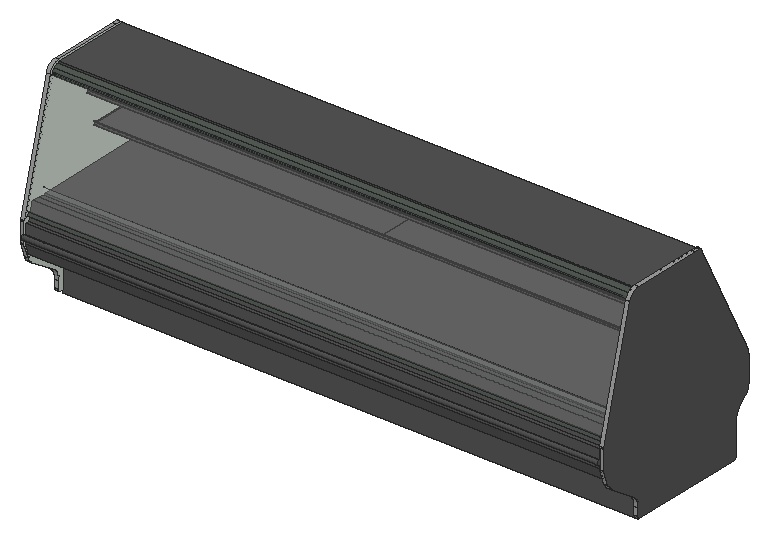
Revit family "ESBDVS_2014", category Specialty Equipment, Revit 2014
Parameters (values of type "12'-0" Length")
  Width = 144 1/2"
  Waste Drain = 1 1/2"  # constant formula
  URL = "www.hussmann.com"
  Type Comments = "Elite"  # constant formula
  Trim = Stainless Steel
  Total Weight = Case Weight + (2 * End Weight)  # 1400.00 lbf
  Splashguard = Textured Sheet Metal (Steel Painted) - 701 Black
  Side Panel - Right [instance] = yes
  Side Panel - Left [instance] = yes
  Shelves = Sheet Metal (Steel Painted) - 701 Black
  Shelf Lights [instance] = yes
  Shelf [instance] = yes
  Revit Family Date = "05/26/2016"  # constant formula
  Refrigeration Lines Suction = 7/8"  # constant formula
  Refrigeration Lines Liquid = 3/8"  # constant formula
  Refrig. Suction = "Suction"
  Refrig. Liquid = "Liquid"
  Number of Supports = if(Width < 50", 2, if(Width < 100", 3, 4))  # 4
  Number of Shelf Supports = if(Width < 96", 2, 3)  # 3
  Note from Manufacturer = "This model only comes 4'-0\", 6'-0\", 8'-0\", and 12'-0\" lengths."
  Model URL = "http://www.hussmann.com/en/product%20viewer/display-cases/ESBDVS"
  Model = "ESBDVS"  # constant formula
  Manufacturer Disclaimer = "The information in this file is not intended to be an exact representation of the corresponding Hussmann product.  Further, we reserve the right to change or revise specifications and product design in connection with any feature of our products. Such changes do not entitle the buyer to corresponding changes, improvements, additions, or replacements for equipment previously sold or shipped."  # constant formula
  Manufacturer = "Hussmann Corporation"  # constant formula
  Location of Drain = if(Width < 144", 24 1/8", 72 1/4")  # 72 1/4"
  Light [instance] = yes
  Height = 52 7/8"  # constant formula
  Glazing = Glass
  Ends = Textured Sheet Metal (Steel Painted) - 701 Black
  End Weight = 100.00 lbf  # constant formula
  Door Frame = Plastic - 701 Black
  Description = "Elite Vertical Glass, Blower Coil Service Case Merchandiser"  # constant formula
  Depth = 46"  # constant formula
  Cutsheet URL = "http://www.hussmann.com/en/Technical%20Documents/0522308_B_ESBDVS.pdf"
  Case Weight = if(Width = 48 1/4", 600.00 lbf, if(Width = 72 3/8", 700.00 lbf, if(Width = 96 3/8", 1100.00 lbf, if(Width = 144 1/2", 1200.00 lbf, 0.00 lbf))))  # 1200.00 lbf
  Case Interior - Side Panel = Mirror
  Case Interior - Back Panel = Stainless Steel
  Case = Textured Sheet Metal (Steel Painted) - 701 Black
  Bumper = Extruded PVC - 701 Black
  Assembly Code = ""
  Accessories/Options = ""
  8 Case = Width = 96 3/8"  # no
  6 Case = Width = 72 3/8"  # no
  4 Case = Width = 48 1/4"  # no
  12 Case = Width = 144 1/2"  # yes
Reference planes (in)
  plane 1 "Back": y = 0
  plane 2 "Bottom": z = 0
  plane 3 "Left": x = -77.30699
  plane 4 "Center (Left/Right)": x = -5.05699
  plane 5: x = -78.30699
  plane 6 "Right": x = 67.19301
  plane 7: x = 68.19301
  plane 8 "Front": y = -46
  plane 9 "Top": z = 52.875
Forms (in)
  Extrusion 1, solid, material "Metal - Copper"
    sketch origin (63.0625, 1.04319, 0) x (1, 0, 0) y (0, 1, 0)
      loop
        arc (-68.11949, -26.54319) -> (-68.64982, -26.76286) -> (-68.86949, -27.29319) r 0.75
        arc (-68.86949, -27.29319) -> (-68.64982, -27.82352) -> (-68.11949, -28.04319) r 0.75
        arc (-68.11949, -28.04319) -> (-67.58916, -27.82352) -> (-67.36949, -27.29319) r 0.75
        arc (-67.36949, -27.29319) -> (-67.58916, -26.76286) -> (-68.11949, -26.54319) r 0.75
      loop
        circle (-68.11949, -27.29319) r 0.7102
    from 16.19922 to 15.21482
  Extrusion 2, solid, material "Metal - Copper"
    sketch origin (57.40105, 5, -0.375) x (1, 0, 0) y (0, 1, 0)
      loop
        circle (1.10446, -34.375) r 0.41359
      loop
        circle (1.10446, -34.375) r 0.4375
    from 16.57422 to 0.375
  Extrusion 3, solid, material "Metal - Copper"
    sketch origin (59.82608, 5, -0.375) x (1, 0, 0) y (0, 1, 0)
      loop
        circle (-0.69557, -34.375) r 0.17188
      loop
        circle (-0.69557, -34.375) r 0.1875
    from 16.57422 to 0.375
  Extrusion 4, solid, material "Textured Sheet Metal (Steel Painted) - 701 Black" <- "Case"
    sketch origin (-5.05699, 0, 0) x (0, 1, 0) y (0, 0, 1)
      loop
        line (-17.51277, 50.28954) -> (-16.52755, 48.35594) -> (-13.36853, 49.96554) -> (-14.85095, 52.87495) -> (-34.64398, 52.87495) -> (-34.64398, 51.46832) -> (-33.4652, 50.28954) -> (-17.51277, 50.28954)
      loop
        line (-31.84269, 8.7695) -> (-31.84269, 16.19922) -> (-5.46069, 16.19922) -> (-5.46069, 13.31049) -> (-2.20656, 13.31049) -> (-0.04964, 15.46741) -> (-0.06621, 23.85827) -> (-0.99729, 25.68562) -> (-4.15631, 24.07602) -> (-5.08572, 25.90009) -> (-5.97398, 25.89513) -> (-8.2206, 25.56606) -> (-8.2206, 24.444) -> (-9.55835, 24.444) -> (-9.55375, 24.31223) -> (-19.59163, 23.96173) -> (-19.59272, 23.99307) -> (-25.24998, 22.26349) -> (-37.67551, 22.26349) -> (-37.67551, 23.43551) -> (-37.52351, 23.43551) -> (-37.52351, 24.18551) -> (-39.55251, 24.18551) -> (-39.55251, 24.99851) -> (-40.86178, 24.99851) -> (-40.86178, 25.09169) -> (-42.9561, 25.27492) -> (-44.03329, 20.95451) -> (-45.0982, 20.95451) -> (-45.0982, 16.35783) -> (-44.1682, 13.70757) -> (-36.02691, 8.25659) -> (-34.79847, 8.25659) -> (-34.79847, 8.3175) -> (-35.15041, 8.3175) -> (-35.15041, 8.7695) -> (-31.84269, 8.7695)
    from 72.25 to -72.25
  Extrusion 5, solid, material "Sheet Metal (Steel Painted) - 701 Black" <- "Shelves"
    sketch origin (-5.05699, 0, 0) x (0, 1, 0) y (0, 0, 1)
      loop
        line (-39.12318, 24.2901) -> (-8.38835, 24.55832) -> (-8.39509, 25.33029) -> (-39.12992, 25.06207) -> (-39.12318, 24.2901)
    from 72.25 to -72.25
  Extrusion 6, solid, material "Glass" <- "Glazing"
    sketch origin (-5.05699, 0, 0) x (0, 1, 0) y (0, 0, 1)
      loop
        line (-39.55251, 24.18551) -> (-39.30251, 24.18551) -> (-39.30251, 26.60751)
        arc (-39.30251, 26.60751) -> (-39.42751, 26.73251) -> (-39.55251, 26.60751) r 0.125
        line (-39.55251, 26.60751) -> (-39.55251, 24.18551)
    from 72.25 to -72.25
  Extrusion 7, solid, material "Glass" <- "Glazing"
    sketch origin (-5.05699, 0, 0) x (0, 1, 0) y (0, 0, 1)
      loop
        line (-36.02604, 51.35697) -> (-36.25369, 51.42004) -> (-44.31362, 22.32842) -> (-44.08618, 22.26541) -> (-36.02604, 51.35697)
    from 72.25 to -72.25
  Extrusion 8, solid, material "Plastic - 701 Black" <- "Door Frame"
    sketch origin (-5.05699, 0, 0) x (0, 1, 0) y (0, 0, 1)
      loop
        line (-32.7599, 50.28954) -> (-33.4652, 50.28954) -> (-33.87472, 50.69906)
        arc (-33.87472, 50.69906) -> (-34.24857, 50.7637) -> (-34.5997, 50.9074) r 1.75
        arc (-34.5997, 50.9074) -> (-34.66775, 51.31418) -> (-34.94105, 51.62307) r 0.74803
        line (-34.94105, 51.62307) -> (-34.94105, 52.65753)
        arc (-34.94105, 52.65753) -> (-35.56309, 52.40256) -> (-36.11027, 52.01198) r 2.91774
        arc (-36.11027, 52.01198) -> (-36.53496, 51.39941) -> (-36.58106, 50.65545) r 1.38647
        arc (-36.58106, 50.65545) -> (-36.56917, 50.63415) -> (-36.54734, 50.62324) r 0.04142
        line (-36.54734, 50.62324) -> (-36.47964, 50.60448) -> (-36.25369, 51.42004) -> (-36.02604, 51.35697) -> (-36.25176, 50.5423) -> (-36.04309, 50.48436)
        arc (-36.04309, 50.48436) -> (-36.02813, 50.48619) -> (-36.01885, 50.49806) r 0.01969
        line (-36.01885, 50.49806) -> (-35.97043, 50.67247) -> (-35.44329, 50.25291)
        arc (-35.44329, 50.25291) -> (-35.36357, 50.20669) -> (-35.27388, 50.18552) r 0.31496
        line (-35.27388, 50.18552) -> (-33.96931, 50.0744)
        arc (-33.96931, 50.0744) -> (-33.35048, 50.10259) -> (-32.7599, 50.28954) r 2.38
      loop
        line (-44.08618, 22.26541) -> (-44.31362, 22.32842) -> (-44.12165, 23.02132) -> (-44.1814, 23.03787) -> (-44.38992, 22.28522) -> (-43.74599, 22.10682) -> (-43.55699, 22.86487) -> (-43.89421, 22.9583) -> (-44.08618, 22.26541)
    from 72.25 to -72.25
  Extrusion 9, solid, material "Extruded PVC - 701 Black" <- "Bumper"
    sketch origin (-5.05699, 0, 0) x (0, 1, 0) y (0, 0, 1)
      loop
        arc (-45.4465, 18.55301) -> (-46, 17.99951) -> (-45.4465, 17.44601) r 0.5535
        line (-45.4465, 17.44601) -> (-45.0982, 17.44601) -> (-45.0982, 18.55301) -> (-45.4465, 18.55301)
    from 72.25 to -72.25
  Extrusion 10, solid, material "Textured Sheet Metal (Steel Painted) - 701 Black" <- "Splashguard"
    sketch origin (-5.05699, 0, 0) x (0, 1, 0) y (0, 0, 1)
      loop
        line (-33.24969, 0.071) -> (-33.04469, 0.071) -> (-33.04469, 0) -> (-31.84269, 0) -> (-31.84269, 5) -> (-31.91369, 5) -> (-31.91369, 0.071) -> (-32.51669, 0.071) -> (-32.51669, 0.5) -> (-32.56279, 0.5) -> (-32.56279, 0.1) -> (-32.82069, 0.1) -> (-32.82069, 8.24901) -> (-32.56279, 8.24901) -> (-32.56279, 7.84901) -> (-32.51669, 7.84901) -> (-32.51669, 8.27801) -> (-33.0154, 8.27801) -> (-33.0154, 8.7695) -> (-33.6714, 8.7695) -> (-33.6714, 8.6985) -> (-33.0864, 8.6985) -> (-33.0864, 8.27801) -> (-33.24969, 8.27801) -> (-33.24969, 0.071)
      loop
        line (-4.00019, 0.071) -> (-4.00019, 12.67) -> (-4.24596, 12.67) -> (-4.24596, 13.21349) -> (-2.37596, 13.21349) -> (-2.37596, 12.63228) -> (-2.73177, 12.63228) -> (-2.73177, 12.58528) -> (-2.23177, 12.58528) -> (-2.23177, 13.31049) -> (-4.34296, 13.31049) -> (-4.34296, 12.67) -> (-4.73319, 12.67) -> (-4.73319, 12.241) -> (-4.68708, 12.241) -> (-4.68708, 12.641) -> (-4.42919, 12.641) -> (-4.42919, 0.1) -> (-4.68708, 0.1) -> (-4.68708, 0.5) -> (-4.73319, 0.5) -> (-4.73319, 0.071) -> (-5.38969, 0.071) -> (-5.38969, 5) -> (-5.46069, 5) -> (-5.46069, 0) -> (-4.25869, 0) -> (-4.25869, 0.071) -> (-4.00019, 0.071)
    from 72.25 to -72.25
  Extrusion 11, solid, material "Stainless Steel"
    sketch origin (-5.05699, 0, 0) x (0, 1, 0) y (0, 0, 1)
      loop
        line (-30.37377, 50.28958) -> (-31.90086, 49.99275) -> (-32.75369, 48.16385)
        arc (-32.75369, 48.16385) -> (-32.7297, 48.08156) -> (-32.64498, 48.0946) r 0.065
        line (-32.64498, 48.0946) -> (-32.44448, 48.33355) -> (-32.47129, 48.35605) -> (-32.66429, 48.12604) -> (-31.94437, 49.66992) -> (-27.94437, 49.66992) -> (-27.50854, 48.81456) -> (-27.01987, 49.06354) -> (-27.13209, 49.28379) -> (-26.8013, 49.45233) -> (-27.19854, 50.23197) -> (-27.52933, 50.06342) -> (-27.64457, 50.28958) -> (-30.37377, 50.28958)
    from 72.25 to -72.25
  Extrusion 12, solid, material "Textured Sheet Metal (Steel Painted) - 701 Black" <- "Ends", visible <- "Side Panel - Left"
    sketch origin (-77.30699, 0, 0) x (0, 1, 0) y (0, 0, 1)
      loop
        line (-42.81294, 11.13829) -> (-36.1608, 6.68437)
        arc (-36.1608, 6.68437) -> (-34.87597, 5.26475) -> (-34.41118, 3.40732) r 3.94376
        line (-34.41118, 3.40732) -> (-34.41118, 1.33267)
        arc (-34.41118, 1.33267) -> (-34.26474, 0.97914) -> (-33.91121, 0.8327) r 0.49997
        line (-33.91121, 0.8327) -> (-4.4146, 0.8327)
        arc (-4.4146, 0.8327) -> (-4.06106, 0.97914) -> (-3.91463, 1.33267) r 0.49997
        line (-3.91463, 1.33267) -> (-3.91463, 9.19202)
        arc (-3.91463, 9.19202) -> (-3.61442, 10.70123) -> (-2.75952, 11.98068) r 3.94376
        line (-2.75952, 11.98068) -> (-0.89905, 13.84116)
        arc (-0.89905, 13.84116) -> (-0.14555, 14.96885) -> (0.11905, 16.29906) r 3.47601
        line (0.11905, 16.29906) -> (0.11905, 22.82157)
        arc (0.11905, 22.82157) -> (0.01535, 23.69771) -> (-0.29001, 24.52543) r 3.75306
        line (-0.29001, 24.52543) -> (-0.68723, 25.30501) -> (-14.35702, 52.13348) -> (-14.75424, 52.91306)
        arc (-14.75424, 52.91306) -> (-14.84636, 53.01272) -> (-14.97697, 53.04956) r 0.24998
        line (-14.97697, 53.04956) -> (-16.31022, 53.04956) -> (-34.23382, 53.04956)
        arc (-34.23382, 53.04956) -> (-35.99196, 52.45695) -> (-37.03263, 50.92097) r 2.90434
        line (-37.03263, 50.92097) -> (-45.2046, 21.43748)
        arc (-45.2046, 21.43748) -> (-45.2182, 21.37132) -> (-45.22276, 21.30394) r 0.49997
        line (-45.22276, 21.30394) -> (-45.22276, 16.25206) -> (-43.93778, 12.59021)
        arc (-43.93778, 12.59021) -> (-43.49313, 11.77301) -> (-42.81294, 11.13829) r 2.90483
    from 0 to -1
  Extrusion 13, solid, material "Textured Sheet Metal (Steel Painted) - 701 Black" <- "Ends", visible <- "Side Panel - Right"
    sketch origin (67.19301, 0, 0) x (0, 0, 1) y (0, -1, 0)
      loop
        line (16.25206, 45.22276) -> (12.59021, 43.93778)
        arc (12.59021, 43.93778) -> (11.77301, 43.49313) -> (11.13829, 42.81294) r 2.90483
        line (11.13829, 42.81294) -> (6.68437, 36.1608)
        arc (6.68437, 36.1608) -> (5.26475, 34.87597) -> (3.40732, 34.41118) r 3.94376
        line (3.40732, 34.41118) -> (1.33267, 34.41118)
        arc (1.33267, 34.41118) -> (0.97914, 34.26474) -> (0.8327, 33.91121) r 0.49997
        line (0.8327, 33.91121) -> (0.8327, 4.4146)
        arc (0.8327, 4.4146) -> (0.97914, 4.06106) -> (1.33267, 3.91463) r 0.49997
        line (1.33267, 3.91463) -> (9.19202, 3.91463)
        arc (9.19202, 3.91463) -> (10.70123, 3.61442) -> (11.98068, 2.75952) r 3.94376
        line (11.98068, 2.75952) -> (13.84116, 0.89905)
        arc (13.84116, 0.89905) -> (14.96885, 0.14555) -> (16.29906, -0.11905) r 3.47601
        line (16.29906, -0.11905) -> (22.82157, -0.11905)
        arc (22.82157, -0.11905) -> (23.69771, -0.01535) -> (24.52543, 0.29001) r 3.75306
        line (24.52543, 0.29001) -> (25.30501, 0.68723) -> (52.13348, 14.35702) -> (52.91306, 14.75424)
        arc (52.91306, 14.75424) -> (53.01272, 14.84636) -> (53.04956, 14.97697) r 0.24998
        line (53.04956, 14.97697) -> (53.04956, 16.31022) -> (53.04956, 34.23382)
        arc (53.04956, 34.23382) -> (52.45695, 35.99196) -> (50.92097, 37.03263) r 2.90434
        line (50.92097, 37.03263) -> (21.43748, 45.2046)
        arc (21.43748, 45.2046) -> (21.37132, 45.2182) -> (21.30394, 45.22276) r 0.49997
        line (21.30394, 45.22276) -> (16.25206, 45.22276)
    from 1 to 0
  Extrusion 14, solid, material "Stainless Steel" <- "Case Interior - Back Panel", visible <- "8 Case"
    sketch origin (-5.05699, -0.15579, 0.93562) x (0, 1, 0) y (0, 0, 1)
      loop
        line (-4.00052, 23.1404) -> (-0.8415, 24.75) -> (-13.21274, 49.02993) -> (-16.37176, 47.42033) -> (-4.00052, 23.1404)
    from -48.1875 to -47.59375
  Extrusion 15, solid, material "Stainless Steel" <- "Case Interior - Back Panel", visible <- "6 Case"
    sketch origin (-5.05699, -0.15579, 0.93562) x (0, 1, 0) y (0, 0, 1)
      loop
        line (-4.00052, 23.1404) -> (-0.8415, 24.75) -> (-13.21274, 49.02993) -> (-16.37176, 47.42033) -> (-4.00052, 23.1404)
    from -35.5 to -36.1875
  Extrusion 16, solid, material "Stainless Steel" <- "Case Interior - Back Panel", visible <- "12 Case"
    sketch origin (-5.05699, -0.15579, 0.93562) x (0, 1, 0) y (0, 0, 1)
      loop
        line (-4.00052, 23.1404) -> (-0.8415, 24.75) -> (-13.21274, 49.02993) -> (-16.37176, 47.42033) -> (-4.00052, 23.1404)
    from 0.625 to -0.625
  Extrusion 17, solid, material "Stainless Steel" <- "Case Interior - Back Panel", visible <- "12 Case"
    sketch origin (-5.05699, -0.15579, 0.93562) x (0, 1, 0) y (0, 0, 1)
      loop
        line (-4.00052, 23.1404) -> (-0.8415, 24.75) -> (-13.21274, 49.02993) -> (-16.37176, 47.42033) -> (-4.00052, 23.1404)
    from -71.625 to -72.25
  Extrusion 18, solid, material "Stainless Steel" <- "Case Interior - Back Panel", visible <- "12 Case"
    sketch origin (-5.05699, -0.15579, 0.93562) x (0, 1, 0) y (0, 0, 1)
      loop
        line (-4.00052, 23.1404) -> (-0.8415, 24.75) -> (-13.21274, 49.02993) -> (-16.37176, 47.42033) -> (-4.00052, 23.1404)
    from 72.25 to 71.625
  Extrusion 19, solid, material "Stainless Steel" <- "Case Interior - Back Panel", visible <- "12 Case", not visible
    sketch origin (-5.05699, -39, 0) x (0, 1, 0) y (0, 0, 1)
      loop
        line (-4.00052, 23.1404) -> (-0.8415, 24.75) -> (-13.21274, 49.02993) -> (-16.37176, 47.42033) -> (-4.00052, 23.1404)
    from 0.625 to -0.625
  Extrusion 20, solid, material "Stainless Steel" <- "Case Interior - Back Panel", visible <- "12 Case", not visible
    sketch origin (-5.05699, -39, 0) x (0, 1, 0) y (0, 0, 1)
      loop
        line (-4.00052, 23.1404) -> (-0.8415, 24.75) -> (-13.21274, 49.02993) -> (-16.37176, 47.42033) -> (-4.00052, 23.1404)
    from -71.625 to -72.25
  Extrusion 21, solid, material "Stainless Steel" <- "Case Interior - Back Panel", visible <- "12 Case", not visible
    sketch origin (-5.05699, -39, 0) x (0, 1, 0) y (0, 0, 1)
      loop
        line (-4.00052, 23.1404) -> (-0.8415, 24.75) -> (-13.21274, 49.02993) -> (-16.37176, 47.42033) -> (-4.00052, 23.1404)
    from 72.25 to 71.625
  Extrusion 22, solid, material "Stainless Steel" <- "Case Interior - Back Panel", visible <- "6 Case"
    sketch origin (-5.05699, -0.15579, 0.93562) x (0, 1, 0) y (0, 0, 1)
      loop
        line (-4.00052, 23.1404) -> (-0.8415, 24.75) -> (-13.21274, 49.02993) -> (-16.37176, 47.42033) -> (-4.00052, 23.1404)
    from 36.1875 to 35.5
  Extrusion 23, solid, material "Stainless Steel" <- "Case Interior - Back Panel", visible <- "6 Case", not visible
    sketch origin (-5.05699, 40.54873, 0) x (0, 1, 0) y (0, 0, 1)
      loop
        line (-4.00052, 23.1404) -> (-0.8415, 24.75) -> (-13.21274, 49.02993) -> (-16.37176, 47.42033) -> (-4.00052, 23.1404)
    from -35.5 to -36.1875
  Extrusion 24, solid, material "Stainless Steel" <- "Case Interior - Back Panel", visible <- "6 Case", not visible
    sketch origin (-5.05699, 40.54873, 0) x (0, 1, 0) y (0, 0, 1)
      loop
        line (-4.00052, 23.1404) -> (-0.8415, 24.75) -> (-13.21274, 49.02993) -> (-16.37176, 47.42033) -> (-4.00052, 23.1404)
    from 36.1875 to 35.5
  Extrusion 25, solid, material "Stainless Steel" <- "Case Interior - Back Panel", visible <- "8 Case"
    sketch origin (-5.05699, -0.15579, 0.93562) x (0, 1, 0) y (0, 0, 1)
      loop
        line (-4.00052, 23.1404) -> (-0.8415, 24.75) -> (-13.21274, 49.02993) -> (-16.37176, 47.42033) -> (-4.00052, 23.1404)
    from -0.59375 to 0.59375
  Extrusion 26, solid, material "Stainless Steel" <- "Case Interior - Back Panel", visible <- "8 Case"
    sketch origin (-5.05699, -0.15579, 0.93562) x (0, 1, 0) y (0, 0, 1)
      loop
        line (-4.00052, 23.1404) -> (-0.8415, 24.75) -> (-13.21274, 49.02993) -> (-16.37176, 47.42033) -> (-4.00052, 23.1404)
    from 47.59375 to 48.1875
  Extrusion 27, solid, material "Stainless Steel" <- "Case Interior - Back Panel", visible <- "8 Case", not visible
    sketch origin (-5.05699, -67, 0) x (0, 1, 0) y (0, 0, 1)
      loop
        line (-4.00052, 23.1404) -> (-0.8415, 24.75) -> (-13.21274, 49.02993) -> (-16.37176, 47.42033) -> (-4.00052, 23.1404)
    from -48.1875 to -47.59375
  Extrusion 28, solid, material "Stainless Steel" <- "Case Interior - Back Panel", visible <- "8 Case", not visible
    sketch origin (-5.05699, -67, 0) x (0, 1, 0) y (0, 0, 1)
      loop
        line (-4.00052, 23.1404) -> (-0.8415, 24.75) -> (-13.21274, 49.02993) -> (-16.37176, 47.42033) -> (-4.00052, 23.1404)
    from -0.59375 to 0.59375
  Extrusion 29, solid, material "Stainless Steel" <- "Case Interior - Back Panel", visible <- "8 Case", not visible
    sketch origin (-5.05699, -67, 0) x (0, 1, 0) y (0, 0, 1)
      loop
        line (-4.00052, 23.1404) -> (-0.8415, 24.75) -> (-13.21274, 49.02993) -> (-16.37176, 47.42033) -> (-4.00052, 23.1404)
    from 47.59375 to 48.1875
  Extrusion 30, solid, material "Stainless Steel" <- "Case Interior - Back Panel", visible <- "4 Case"
    sketch origin (-5.05699, -0.15579, 0.93562) x (0, 1, 0) y (0, 0, 1)
      loop
        line (-4.00052, 23.1404) -> (-0.8415, 24.75) -> (-13.21274, 49.02993) -> (-16.37176, 47.42033) -> (-4.00052, 23.1404)
    from -23.5 to -24.125
  Extrusion 31, solid, material "Stainless Steel" <- "Case Interior - Back Panel", visible <- "4 Case"
    sketch origin (-5.05699, -0.15579, 0.93562) x (0, 1, 0) y (0, 0, 1)
      loop
        line (-4.00052, 23.1404) -> (-0.8415, 24.75) -> (-13.21274, 49.02993) -> (-16.37176, 47.42033) -> (-4.00052, 23.1404)
    from 24.125 to 23.5
  Extrusion 32, solid, material "Stainless Steel" <- "Case Interior - Back Panel", visible <- "4 Case", not visible
    sketch origin (-5.05699, 24, 0) x (0, 1, 0) y (0, 0, 1)
      loop
        line (-4.00052, 23.1404) -> (-0.8415, 24.75) -> (-13.21274, 49.02993) -> (-16.37176, 47.42033) -> (-4.00052, 23.1404)
    from -23.5 to -24.125
  Extrusion 33, solid, material "Stainless Steel" <- "Case Interior - Back Panel", visible <- "4 Case", not visible
    sketch origin (-5.05699, 24, 0) x (0, 1, 0) y (0, 0, 1)
      loop
        line (-4.00052, 23.1404) -> (-0.8415, 24.75) -> (-13.21274, 49.02993) -> (-16.37176, 47.42033) -> (-4.00052, 23.1404)
    from 24.125 to 23.5
  Extrusion 34, solid, material "Sheet Metal (Steel Painted) - 701 Black" <- "Shelves", visible <- "Shelf"
    sketch origin (-77.30699, -7.19108, -30.9993) x (0, 1, 0) y (0, 0, 1)
      loop
        line (-16.18534, 64.61155) -> (-15.98654, 64.81035) -> (-16.01907, 64.81035) -> (-16.20161, 64.62782)
        arc (-16.20161, 64.62782) -> (-16.21795, 64.62456) -> (-16.22721, 64.63842) r 0.015
        line (-16.22721, 64.63842) -> (-16.22721, 65.28367)
        arc (-16.22721, 65.28367) -> (-16.16459, 65.35764) -> (-16.0813, 65.30809) r 0.075
        line (-16.0813, 65.30809) -> (-16.05383, 65.2283)
        arc (-16.05383, 65.2283) -> (-16.03997, 65.20973) -> (-16.0179, 65.20267) r 0.038
        line (-16.0179, 65.20267) -> (-4.18143, 65.20267) -> (-4.20443, 65.22567) -> (-16.0286, 65.22567) -> (-16.05956, 65.31558)
        arc (-16.05956, 65.31558) -> (-16.16839, 65.38032) -> (-16.25021, 65.28367) r 0.098
        line (-16.25021, 65.28367) -> (-16.25021, 64.63842)
        arc (-16.25021, 64.63842) -> (-16.22676, 64.60331) -> (-16.18534, 64.61155) r 0.038
      loop
        line (-18.26155, 72.61155) -> (-18.06275, 72.81035) -> (-18.09527, 72.81035) -> (-18.27781, 72.62782)
        arc (-18.27781, 72.62782) -> (-18.29416, 72.62456) -> (-18.30342, 72.63842) r 0.015
        line (-18.30342, 72.63842) -> (-18.30342, 73.28367)
        arc (-18.30342, 73.28367) -> (-18.2408, 73.35764) -> (-18.15751, 73.30809) r 0.075
        line (-18.15751, 73.30809) -> (-18.13003, 73.2283)
        arc (-18.13003, 73.2283) -> (-18.11617, 73.20973) -> (-18.0941, 73.20267) r 0.038
        line (-18.0941, 73.20267) -> (-8.25763, 73.20267) -> (-8.28063, 73.22567) -> (-18.1048, 73.22567) -> (-18.13576, 73.31558)
        arc (-18.13576, 73.31558) -> (-18.24459, 73.38032) -> (-18.32642, 73.28367) r 0.098
        line (-18.32642, 73.28367) -> (-18.32642, 72.63842)
        arc (-18.32642, 72.63842) -> (-18.30296, 72.60331) -> (-18.26155, 72.61155) r 0.038
    from 0 to 144.5
  Extrusion 35, solid, material "Stainless Steel" <- "Case Interior - Back Panel", visible <- "Shelf"
    sketch origin (-77.30699, 0, 0) x (0, 1, 0) y (0, 0, 1)
      loop
        line (-9.21752, 30.7052) -> (-7.88102, 31.38618) -> (-14.4784, 44.33426) -> (-15.81489, 43.65328) -> (-9.21752, 30.7052)
      loop
        line (-15.50234, 44.35946) -> (-15.13201, 44.35946) -> (-14.62331, 44.61866) -> (-17.51277, 50.28954) -> (-21.43256, 50.28954) -> (-15.50234, 44.35946)
    from 0 to 0.625
  Extrusion 36, solid, material "Stainless Steel" <- "Case Interior - Back Panel", visible <- "Shelf"
    sketch origin (66.56801, 0, 0) x (0, 1, 0) y (0, 0, 1)
      loop
        line (-9.21752, 30.7052) -> (-7.88102, 31.38618) -> (-14.4784, 44.33426) -> (-15.81489, 43.65328) -> (-9.21752, 30.7052)
      loop
        line (-15.50234, 44.35946) -> (-15.13201, 44.35946) -> (-14.62331, 44.61866) -> (-17.51277, 50.28954) -> (-21.43256, 50.28954) -> (-15.50234, 44.35946)
    from 0 to 0.625
  Extrusion 37, solid, material "Stainless Steel" <- "Case Interior - Back Panel", visible <- "Shelf"
    sketch origin (-5.36949, 0, 0) x (0, 1, 0) y (0, 0, 1)
      loop
        line (-9.21752, 30.7052) -> (-7.88102, 31.38618) -> (-14.4784, 44.33426) -> (-15.81489, 43.65328) -> (-9.21752, 30.7052)
      loop
        line (-15.50234, 44.35946) -> (-15.13201, 44.35946) -> (-14.62331, 44.61866) -> (-17.51277, 50.28954) -> (-21.43256, 50.28954) -> (-15.50234, 44.35946)
    from 0 to 0.625
Lines and regions (in)
  reference lines
    curve 1: line (-73.68199, -45.25, 0) -> (-73.68199, 0, 0)
    curve 2: line (-5.05699, -45.25, 0) -> (-5.05699, 0, 0)
    curve 3: line (63.56801, -45.25, 0) -> (63.56801, 0, 0)
    curve 4: line (58.94301, -45.25, 0) -> (58.94301, 0, 0)
    curve 5: line (-77.30699, -26.25, 0) -> (67.19301, -26.25, 0)
    curve 6: line (67.19301, -29.375, 0) -> (-77.30699, -29.375, 0)
    curve 7: line (-76.99449, -45.25, 0) -> (-76.99449, 0, 0)
    curve 8: line (66.88051, -45.25, 0) -> (66.88051, 0, 0)
Dimensions and locks (in)
  equal spacing: plane 3 "Left", plane 4 "Center (Left/Right)", plane 6 "Right"
  locked: plane 5 to plane 3 "Left" at 1
  "Width": plane 3 "Left" to plane 6 "Right"
  locked: plane 3 "Left" to curve 1 at 3.625
  locked: curve 3 to plane 6 "Right" at 3.625
  "Location of Drain": curve 2 to plane 6 "Right"
  "Depth": plane 8 "Front" to plane 1 "Back"
  locked: curve 4 to plane 6 "Right" at 8.25
  "Height": plane 9 "Top" to level
  locked: plane 1 "Back" to curve 5 at 26.25
  locked: plane 1 "Back" to curve 6 at 29.375
  locked: plane 6 "Right" to plane 7 at 1
  locked: Extrusion 1 sketch curve to Extrusion 1 sketch curve at 0.0398
  locked: Extrusion 3 sketch curve to Extrusion 3 sketch curve at 0.01562
  locked: Extrusion 2 sketch curve to Extrusion 2 sketch curve at 0.02391
  locked: nested 1 to plane 1 "Back" at 5.46069
  equal spacing: group 1, group 11, group 12, group 2  (x3)
  locked: curve 8 to plane 6 "Right" at 0.3125
  locked: plane 3 "Left" to curve 7 at 0.3125
  equal spacing: group 13, group 15, group 14  (x3)
  "Waste Drain": diameter of Extrusion 1 sketch curve
  "Refrigeration Lines Liquid": diameter of Extrusion 3 sketch curve
  "Refrigeration Lines Suction": diameter of Extrusion 2 sketch curve
  aligned and locked: plane 3 "Left" to curve 5
  aligned and locked: plane 3 "Left" to curve 6
  aligned and locked: plane 6 "Right" to curve 6
  aligned and locked: plane 6 "Right" to curve 5
  aligned and locked: Extrusion 2 to level
  aligned and locked: Extrusion 3 to level
  aligned and locked: curve 6 to Extrusion 3 sketch curve  (x4)
  aligned and locked: curve 6 to Extrusion 2 sketch curve  (x4)
  aligned and locked: curve 5 to Extrusion 1 sketch curve  (x3)
  aligned and locked: curve 2 to Extrusion 1 sketch curve
  aligned and locked: curve 4 to Extrusion 3 sketch curve
  aligned and locked: curve 4 to Extrusion 2 sketch curve
  aligned and locked: curve 1 to nested 1
  aligned and locked: curve 3 to nested 2
  aligned and locked: nested 1 to nested 2
  aligned and locked: Extrusion 4 to plane 3 "Left"
  aligned and locked: plane 6 "Right" to Extrusion 4
  aligned and locked: Extrusion 5 to plane 3 "Left"
  aligned and locked: plane 6 "Right" to Extrusion 5
  aligned and locked: Extrusion 6 to plane 3 "Left"
  aligned and locked: plane 6 "Right" to Extrusion 6
  aligned and locked: Extrusion 7 to plane 3 "Left"
  aligned and locked: plane 6 "Right" to Extrusion 7
  aligned and locked: Extrusion 8 to plane 3 "Left"
  aligned and locked: plane 6 "Right" to Extrusion 8
  aligned and locked: Extrusion 9 to plane 3 "Left"
  aligned and locked: plane 6 "Right" to Extrusion 9
  aligned and locked: Extrusion 10 to plane 3 "Left"
  aligned and locked: plane 6 "Right" to Extrusion 10
  aligned and locked: Extrusion 11 to plane 3 "Left"
  aligned and locked: plane 6 "Right" to Extrusion 11
  aligned and locked: plane 3 "Left" to nested 3
  aligned and locked: plane 5 to Extrusion 12
  aligned and locked: plane 3 "Left" to Extrusion 12
  aligned and locked: plane 7 to Extrusion 13
  aligned and locked: Extrusion 13 to plane 6 "Right"
  aligned and locked: curve 7 to nested 20
  aligned and locked: curve 8 to nested 22
  aligned and locked: Extrusion 34 to plane 3 "Left"
  aligned and locked: plane 6 "Right" to Extrusion 34
  aligned and locked: plane 3 "Left" to nested 25
  aligned and locked: plane 3 "Left" to nested 26
Automatic sketch dimensions
  Extrusion 14 sketch curve to Extrusion 14 sketch curve = 3.15902"
  Extrusion 14 sketch curve to Extrusion 14 sketch curve = 1.6096"
  Extrusion 15 sketch curve to Extrusion 15 sketch curve = 3.15902"
  Extrusion 16 sketch curve to Extrusion 16 sketch curve = 3.15902"
  Extrusion 17 sketch curve to Extrusion 17 sketch curve = 3.15902"
  Extrusion 18 sketch curve to Extrusion 18 sketch curve = 3.15902"
  Extrusion 16 sketch curve to Extrusion 16 sketch curve = 12.37124"
  Extrusion 16 sketch curve to Extrusion 16 sketch curve = 1.6096"
  Extrusion 17 sketch curve to Extrusion 17 sketch curve = 12.37124"
  Extrusion 17 sketch curve to Extrusion 17 sketch curve = 1.6096"
  Extrusion 18 sketch curve to Extrusion 18 sketch curve = 12.37124"
  Extrusion 18 sketch curve to Extrusion 18 sketch curve = 1.6096"
  Extrusion 19 sketch curve to Extrusion 19 sketch curve = 3.15902"
  Extrusion 20 sketch curve to Extrusion 20 sketch curve = 3.15902"
  Extrusion 21 sketch curve to Extrusion 21 sketch curve = 3.15902"
  Extrusion 19 sketch curve to Extrusion 19 sketch curve = 12.37124"
  Extrusion 19 sketch curve to Extrusion 19 sketch curve = 1.6096"
  Extrusion 20 sketch curve to Extrusion 20 sketch curve = 12.37124"
  Extrusion 20 sketch curve to Extrusion 20 sketch curve = 1.6096"
  Extrusion 21 sketch curve to Extrusion 21 sketch curve = 12.37124"
  Extrusion 21 sketch curve to Extrusion 21 sketch curve = 1.6096"
  Extrusion 22 sketch curve to Extrusion 22 sketch curve = 3.15902"
  Extrusion 15 sketch curve to Extrusion 15 sketch curve = 12.37124"
  Extrusion 15 sketch curve to Extrusion 15 sketch curve = 1.6096"
  Extrusion 22 sketch curve to Extrusion 22 sketch curve = 12.37124"
  Extrusion 22 sketch curve to Extrusion 22 sketch curve = 1.6096"
  Extrusion 23 sketch curve to Extrusion 23 sketch curve = 3.15902"
  Extrusion 24 sketch curve to Extrusion 24 sketch curve = 3.15902"
  Extrusion 23 sketch curve to Extrusion 23 sketch curve = 12.37124"
  Extrusion 23 sketch curve to Extrusion 23 sketch curve = 1.6096"
  Extrusion 24 sketch curve to Extrusion 24 sketch curve = 12.37124"
  Extrusion 24 sketch curve to Extrusion 24 sketch curve = 1.6096"
  Extrusion 25 sketch curve to Extrusion 25 sketch curve = 3.15902"
  Extrusion 25 sketch curve to Extrusion 25 sketch curve = 1.6096"
  Extrusion 26 sketch curve to Extrusion 26 sketch curve = 3.15902"
  Extrusion 26 sketch curve to Extrusion 26 sketch curve = 1.6096"
  Extrusion 14 sketch curve to Extrusion 14 sketch curve = 12.37124"
  Extrusion 25 sketch curve to Extrusion 25 sketch curve = 12.37124"
  Extrusion 26 sketch curve to Extrusion 26 sketch curve = 12.37124"
  Extrusion 27 sketch curve to Extrusion 27 sketch curve = 3.15902"
  Extrusion 27 sketch curve to Extrusion 27 sketch curve = 1.6096"
  Extrusion 28 sketch curve to Extrusion 28 sketch curve = 3.15902"
  Extrusion 28 sketch curve to Extrusion 28 sketch curve = 1.6096"
  Extrusion 29 sketch curve to Extrusion 29 sketch curve = 3.15902"
  Extrusion 29 sketch curve to Extrusion 29 sketch curve = 1.6096"
  Extrusion 27 sketch curve to Extrusion 27 sketch curve = 12.37124"
  Extrusion 28 sketch curve to Extrusion 28 sketch curve = 12.37124"
  Extrusion 29 sketch curve to Extrusion 29 sketch curve = 12.37124"
  Extrusion 30 sketch curve to Extrusion 30 sketch curve = 3.15902"
  Extrusion 30 sketch curve to Extrusion 30 sketch curve = 1.6096"
  Extrusion 31 sketch curve to Extrusion 31 sketch curve = 3.15902"
  Extrusion 31 sketch curve to Extrusion 31 sketch curve = 1.6096"
  Extrusion 30 sketch curve to Extrusion 30 sketch curve = 12.37124"
  Extrusion 31 sketch curve to Extrusion 31 sketch curve = 12.37124"
  Extrusion 32 sketch curve to Extrusion 32 sketch curve = 3.15902"
  Extrusion 32 sketch curve to Extrusion 32 sketch curve = 1.6096"
  Extrusion 33 sketch curve to Extrusion 33 sketch curve = 3.15902"
  Extrusion 33 sketch curve to Extrusion 33 sketch curve = 1.6096"
  Extrusion 32 sketch curve to Extrusion 32 sketch curve = 12.37124"
  Extrusion 33 sketch curve to Extrusion 33 sketch curve = 12.37124"
  plane 1 "Back" to Extrusion 11 sketch curve = 32.75369"
  Extrusion 11 sketch curve to Extrusion 11 sketch curve = 0.05891"
  Extrusion 11 sketch curve to Extrusion 11 sketch curve = 0.03049"
  Extrusion 11 sketch curve to Extrusion 11 sketch curve = 0.01931"
  Extrusion 11 sketch curve to Extrusion 11 sketch curve = 0.19299"
  Extrusion 11 sketch curve to Extrusion 11 sketch curve = 0.52693"
  Extrusion 11 sketch curve to Extrusion 11 sketch curve = 0.04351"
  Extrusion 11 sketch curve to Extrusion 11 sketch curve = 3.95649"
  Extrusion 11 sketch curve to Extrusion 11 sketch curve = 0.43583"
  Extrusion 11 sketch curve to Extrusion 11 sketch curve = 1.52709"
  Extrusion 11 sketch curve to Extrusion 11 sketch curve = 0.2998"
  Extrusion 11 sketch curve to Extrusion 11 sketch curve = 0.24899"
  Extrusion 11 sketch curve to Extrusion 11 sketch curve = 0.02681"
  Extrusion 11 sketch curve to Extrusion 11 sketch curve = 0.16969"
  Extrusion 11 sketch curve to Extrusion 11 sketch curve = 0.02747"
  Extrusion 11 sketch curve to Extrusion 11 sketch curve = 0.32283"
  Extrusion 34 sketch curve to Extrusion 34 sketch curve = 0"  (x14)
  Extrusion 34 sketch curve to Extrusion 34 sketch curve = 0.023"  (x5)
  Extrusion 34 sketch curve to Extrusion 34 sketch curve = 0.015"  (x4)
  Extrusion 34 sketch curve to Extrusion 34 sketch curve = 0.01061"  (x2)
  Extrusion 34 sketch curve to Extrusion 34 sketch curve = 0.075"  (x2)
  Extrusion 34 sketch curve to Extrusion 34 sketch curve = 0.07091"  (x2)
  Extrusion 34 sketch curve to Extrusion 34 sketch curve = 0.02747"  (x2)
  Extrusion 34 sketch curve to Extrusion 34 sketch curve = 0.02523"  (x2)
  Extrusion 34 sketch curve to Extrusion 34 sketch curve = 0.18254"  (x3)
  Extrusion 34 sketch curve to Extrusion 34 sketch curve = 0.0107"  (x2)
  Extrusion 34 sketch curve to Extrusion 34 sketch curve = 0.03253"  (x2)
  Extrusion 34 sketch curve to Extrusion 34 sketch curve = 2.01133"
  Extrusion 34 sketch curve to Extrusion 34 sketch curve = 0.01626"  (x2)
  Extrusion 34 sketch curve to Extrusion 34 sketch curve = 9.78212"
  Extrusion 34 sketch curve to Extrusion 34 sketch curve = 4.0532"
  Extrusion 34 sketch curve to Extrusion 34 sketch curve = 0.0749"
  Extrusion 34 sketch curve to Extrusion 34 sketch curve = 0.01237"
  Extrusion 34 sketch curve to Extrusion 34 sketch curve = 0.39232"
  Extrusion 34 sketch curve to Extrusion 34 sketch curve = 0.17193"
  Extrusion 34 sketch curve to Extrusion 34 sketch curve = 7.977"
  Extrusion 6 sketch curve to Extrusion 6 sketch curve = 1/8"
  level to Extrusion 6 sketch curve = 24.18551"
  Extrusion 6 sketch curve to Extrusion 6 sketch curve = 2.422"
  Extrusion 9 sketch curve to Extrusion 9 sketch curve = 0.3483"
  level to Extrusion 9 sketch curve = 17.44601"
  Extrusion 9 sketch curve to Extrusion 9 sketch curve = 0.5535"
  Extrusion 10 sketch curve to level = 0"  (x2)
  level to Extrusion 10 sketch curve = 0.071"  (x4)
  Extrusion 10 sketch curve to Extrusion 10 sketch curve = 0.16328"
  Extrusion 10 sketch curve to Extrusion 10 sketch curve = 0.205"
  Extrusion 10 sketch curve to Extrusion 10 sketch curve = 0.071"  (x4)
  Extrusion 10 sketch curve to Extrusion 10 sketch curve = 0.19472"
  Extrusion 10 sketch curve to Extrusion 10 sketch curve = 0.2579"  (x3)
  Extrusion 10 sketch curve to Extrusion 10 sketch curve = 0.0461"  (x4)
  Extrusion 10 sketch curve to Extrusion 10 sketch curve = 0.603"
  plane 1 "Back" to Extrusion 10 sketch curve = 5.46069"
  Extrusion 10 sketch curve to Extrusion 10 sketch curve = 0.6565"
  plane 1 "Back" to Extrusion 10 sketch curve = 4.73319"
  Extrusion 10 sketch curve to Extrusion 10 sketch curve = 0.08622"
  Extrusion 10 sketch curve to Extrusion 10 sketch curve = 0.1705"
  Extrusion 10 sketch curve to Extrusion 10 sketch curve = 0.097"  (x2)
  Extrusion 10 sketch curve to Extrusion 10 sketch curve = 0.24578"
  Extrusion 10 sketch curve to Extrusion 10 sketch curve = 1.26842"
  Extrusion 10 sketch curve to Extrusion 10 sketch curve = 0.35581"
  Extrusion 10 sketch curve to Extrusion 10 sketch curve = 0.14419"
  Extrusion 10 sketch curve to Extrusion 10 sketch curve = 0.029"  (x3)
  level to Extrusion 10 sketch curve = 0.1"
  Extrusion 10 sketch curve to Extrusion 10 sketch curve = 0.4"  (x4)
  Extrusion 10 sketch curve to Extrusion 10 sketch curve = 4 1/2"  (x2)
  Extrusion 10 sketch curve to Extrusion 10 sketch curve = 7.241"
  Extrusion 10 sketch curve to Extrusion 10 sketch curve = 0.34428"
  Extrusion 10 sketch curve to Extrusion 10 sketch curve = 0.047"
  Extrusion 10 sketch curve to Extrusion 10 sketch curve = 0"  (x2)
  Extrusion 10 sketch curve to Extrusion 10 sketch curve = 0.54349"
  Extrusion 10 sketch curve to Extrusion 10 sketch curve = 2.84901"
  Extrusion 10 sketch curve to Extrusion 10 sketch curve = 0.42049"
  plane 8 "Front" to Extrusion 6 sketch curve = 6.44749"
  plane 8 "Front" to Extrusion 9 sketch curve = 0.5535"
  plane 8 "Front" to Extrusion 10 sketch curve = 14.15731"
  Extrusion 10 sketch curve to Extrusion 10 sketch curve = 0.585"
  plane 8 "Front" to Extrusion 34 sketch curve = 20.4825"
  plane 9 "Top" to Extrusion 11 sketch curve = 4.7804"
  plane 9 "Top" to Extrusion 34 sketch curve = 11.26275"
  plane 9 "Top" to Extrusion 34 sketch curve = 10.55873"
  Extrusion 34 sketch curve to Extrusion 34 sketch curve = 0.02175"  (x2)
  plane 9 "Top" to Extrusion 34 sketch curve = 18.55873"
  plane 8 "Front" to Extrusion 7 sketch curve = 1.68638"
  Extrusion 7 sketch curve to Extrusion 7 sketch curve = 0.22743"
  plane 9 "Top" to Extrusion 7 sketch curve = 1.45496"
  plane 8 "Front" to Extrusion 7 sketch curve = 9.74631"
  plane 9 "Top" to Extrusion 7 sketch curve = 1.51803"
  Extrusion 7 sketch curve to Extrusion 7 sketch curve = 0.22765"
  plane 9 "Top" to Extrusion 8 sketch curve = 2 25/64"
  Extrusion 8 sketch curve to Extrusion 8 sketch curve = 0.00527"
  plane 9 "Top" to Extrusion 8 sketch curve = 2.37694"
  Extrusion 8 sketch curve to Extrusion 8 sketch curve = 0.01897"
  plane 9 "Top" to Extrusion 8 sketch curve = 2.20253"
  Extrusion 8 sketch curve to Extrusion 8 sketch curve = 0.04843"
  plane 9 "Top" to Extrusion 8 sketch curve = 2.62209"
  Extrusion 8 sketch curve to Extrusion 8 sketch curve = 0.57556"
  Extrusion 8 sketch curve to Extrusion 8 sketch curve = 0.16941"
  Extrusion 8 sketch curve to Extrusion 8 sketch curve = 0.19614"
  Extrusion 8 sketch curve to Extrusion 8 sketch curve = 1.30458"
  plane 9 "Top" to Extrusion 8 sketch curve = 0.42919"
  Extrusion 8 sketch curve to Extrusion 8 sketch curve = 0.20199"
  plane 9 "Top" to Extrusion 8 sketch curve = 2.3327"
  Extrusion 8 sketch curve to Extrusion 8 sketch curve = 0.20867"
  Extrusion 8 sketch curve to Extrusion 8 sketch curve = 1.20941"
  plane 9 "Top" to Extrusion 8 sketch curve = 2.25176"
  Extrusion 8 sketch curve to Extrusion 8 sketch curve = 0.00679"
  Extrusion 8 sketch curve to Extrusion 8 sketch curve = 0.09576"
  Extrusion 8 sketch curve to Extrusion 8 sketch curve = 0.11779"
  plane 9 "Top" to Extrusion 8 sketch curve = 0.21747"
  Extrusion 8 sketch curve to Extrusion 8 sketch curve = 0.1835"
  Extrusion 8 sketch curve to Extrusion 8 sketch curve = 0.0021"
  Extrusion 8 sketch curve to Extrusion 8 sketch curve = 0.22611"
  Extrusion 8 sketch curve to Extrusion 8 sketch curve = 0.04086"
  Extrusion 8 sketch curve to Extrusion 8 sketch curve = 0.44548"
  Extrusion 8 sketch curve to Extrusion 8 sketch curve = 0.04733"
  Extrusion 8 sketch curve to Extrusion 8 sketch curve = 0.67824"
  Extrusion 8 sketch curve to Extrusion 8 sketch curve = 0.00018"
  Extrusion 8 sketch curve to Extrusion 8 sketch curve = 0.0677"
  Extrusion 8 sketch curve to Extrusion 8 sketch curve = 0"
  Extrusion 8 sketch curve to Extrusion 8 sketch curve = 0.62543"
  Extrusion 8 sketch curve to Extrusion 8 sketch curve = 0.09459"
  plane 8 "Front" to Extrusion 8 sketch curve = 1.91382"
  Extrusion 8 sketch curve to Extrusion 8 sketch curve = 0.22743"
  plane 9 "Top" to Extrusion 8 sketch curve = 1.45496"
  Extrusion 8 sketch curve to Extrusion 8 sketch curve = 0.13222"
  Extrusion 8 sketch curve to Extrusion 8 sketch curve = 0.0432"
  Extrusion 8 sketch curve to Extrusion 8 sketch curve = 0.34019"
  Extrusion 8 sketch curve to Extrusion 8 sketch curve = 0.05975"
  Extrusion 8 sketch curve to Extrusion 8 sketch curve = 0.22744"
  Extrusion 8 sketch curve to Extrusion 8 sketch curve = 0.33722"
  Extrusion 8 sketch curve to Extrusion 8 sketch curve = 0.75806"
  Extrusion 8 sketch curve to Extrusion 8 sketch curve = 0.06301"
  Extrusion 8 sketch curve to Extrusion 8 sketch curve = 0.22789"
  Extrusion 8 sketch curve to Extrusion 8 sketch curve = 7.642"
  Extrusion 8 sketch curve to Extrusion 8 sketch curve = 0.01655"
  Extrusion 8 sketch curve to Extrusion 8 sketch curve = 27.56661"
  Extrusion 8 sketch curve to Extrusion 8 sketch curve = 0.14342"
  Extrusion 8 sketch curve to Extrusion 8 sketch curve = 0.22765"
  plane 9 "Top" to Extrusion 8 sketch curve = 2.17594"
  Extrusion 8 sketch curve to Extrusion 8 sketch curve = 1.06633"
  Extrusion 8 sketch curve to Extrusion 8 sketch curve = 0.50411"
  Extrusion 8 sketch curve to Extrusion 8 sketch curve = 0.21514"
  plane 9 "Top" to Extrusion 4 sketch curve = 2.58546"
  plane 8 "Front" to Extrusion 4 sketch curve = 12.5348"
  plane 9 "Top" to Extrusion 4 sketch curve = 1.40668"
  Extrusion 4 sketch curve to Extrusion 4 sketch curve = 1.17878"
  plane 9 "Top" to Extrusion 4 sketch curve = 0.00005"
  Extrusion 4 sketch curve to Extrusion 4 sketch curve = 2.66182"
  plane 9 "Top" to Extrusion 4 sketch curve = 2.90946"
  Extrusion 4 sketch curve to Extrusion 4 sketch curve = 1.48242"
  Extrusion 4 sketch curve to Extrusion 4 sketch curve = 0.35195"
  Extrusion 4 sketch curve to Extrusion 4 sketch curve = 0.87649"
  plane 8 "Front" to Extrusion 4 sketch curve = 5.13822"
  Extrusion 4 sketch curve to Extrusion 4 sketch curve = 2.09432"
  plane 8 "Front" to Extrusion 4 sketch curve = 1.96671"
  plane 8 "Front" to Extrusion 4 sketch curve = 1.8318"
  plane 8 "Front" to Extrusion 4 sketch curve = 0.9018"
  Extrusion 4 sketch curve to Extrusion 4 sketch curve = 0.18323"
  Extrusion 4 sketch curve to Extrusion 4 sketch curve = 0.09318"
  Extrusion 4 sketch curve to Extrusion 4 sketch curve = 4.32041"
  Extrusion 4 sketch curve to Extrusion 4 sketch curve = 4.59668"
  Extrusion 4 sketch curve to Extrusion 4 sketch curve = 2.65026"
  level to Extrusion 4 sketch curve = 8.7695"
  Extrusion 4 sketch curve to Extrusion 4 sketch curve = 0.452"
  Extrusion 4 sketch curve to Extrusion 4 sketch curve = 0.06091"
  Extrusion 4 sketch curve to Extrusion 4 sketch curve = 2.95578"
  Extrusion 4 sketch curve to Extrusion 4 sketch curve = 1.30926"
  Extrusion 4 sketch curve to Extrusion 4 sketch curve = 0.813"
  Extrusion 4 sketch curve to Extrusion 4 sketch curve = 2.029"
  Extrusion 4 sketch curve to Extrusion 4 sketch curve = 3/4"
  Extrusion 4 sketch curve to Extrusion 4 sketch curve = 0.152"
  Extrusion 4 sketch curve to Extrusion 4 sketch curve = 1.17202"
  Extrusion 4 sketch curve to Extrusion 4 sketch curve = 5.65726"
  Extrusion 4 sketch curve to Extrusion 4 sketch curve = 1.72958"
  Extrusion 4 sketch curve to Extrusion 4 sketch curve = 0.00109"
  Extrusion 4 sketch curve to Extrusion 4 sketch curve = 0.0046"
  Extrusion 4 sketch curve to Extrusion 4 sketch curve = 0.03134"
  Extrusion 4 sketch curve to Extrusion 4 sketch curve = 1.33314"
  Extrusion 4 sketch curve to Extrusion 4 sketch curve = 2.24662"
  Extrusion 4 sketch curve to Extrusion 4 sketch curve = 1.45113"
  Extrusion 4 sketch curve to Extrusion 4 sketch curve = 0.88826"
  Extrusion 4 sketch curve to Extrusion 4 sketch curve = 0.00496"
  plane 1 "Back" to Extrusion 4 sketch curve = 0.99729"
  Extrusion 4 sketch curve to Extrusion 4 sketch curve = 7.42972"
  plane 1 "Back" to Extrusion 4 sketch curve = 5.46069"
  plane 1 "Back" to Extrusion 4 sketch curve = 2.20656"
  Extrusion 4 sketch curve to Extrusion 4 sketch curve = 2.88873"
  plane 1 "Back" to Extrusion 4 sketch curve = 0.04964"
  Extrusion 4 sketch curve to Extrusion 4 sketch curve = 2.15693"
  plane 1 "Back" to Extrusion 4 sketch curve = 0.06621"
  Extrusion 4 sketch curve to Extrusion 4 sketch curve = 1.59478"
  Extrusion 4 sketch curve to Extrusion 4 sketch curve = 1.6096"
  Extrusion 4 sketch curve to Extrusion 4 sketch curve = 15.95243"
  Extrusion 4 sketch curve to Extrusion 4 sketch curve = 1.82407"
  Extrusion 4 sketch curve to Extrusion 4 sketch curve = 1.12206"
  Extrusion 4 sketch curve to Extrusion 4 sketch curve = 1.81253"
  Extrusion 4 sketch curve to Extrusion 4 sketch curve = 5.45099"
  Extrusion 4 sketch curve to Extrusion 4 sketch curve = 6.59271"
  plane 9 "Top" to Extrusion 11 sketch curve = 2.64303"
  plane 9 "Top" to Extrusion 11 sketch curve = 3.42267"
  Extrusion 11 sketch curve to Extrusion 11 sketch curve = 0.11524"
  Extrusion 11 sketch curve to Extrusion 11 sketch curve = 0.33079"  (x2)
  Extrusion 11 sketch curve to Extrusion 11 sketch curve = 0.22616"
  plane 8 "Front" to Extrusion 5 sketch curve = 6.87008"
  Extrusion 5 sketch curve to Extrusion 5 sketch curve = 0.00674"
  plane 1 "Back" to Extrusion 5 sketch curve = 8.39509"
  level to Extrusion 5 sketch curve = 24.2901"
  level to Extrusion 5 sketch curve = 24.55832"
  Extrusion 36 sketch curve to Extrusion 36 sketch curve = 0.31255"
  Extrusion 36 sketch curve to Extrusion 36 sketch curve = 0.37033"
  Extrusion 36 sketch curve to Extrusion 36 sketch curve = 0.65361"
  Extrusion 36 sketch curve to Extrusion 36 sketch curve = 6.59737"
  Extrusion 36 sketch curve to Extrusion 36 sketch curve = 1.33649"
  Extrusion 36 sketch curve to Extrusion 36 sketch curve = 0.68098"  (x2)
  Extrusion 36 sketch curve to Extrusion 36 sketch curve = 0.70617"
  Extrusion 36 sketch curve to Extrusion 36 sketch curve = 2.01043"
  Extrusion 36 sketch curve to Extrusion 36 sketch curve = 3.91979"
  Extrusion 36 sketch curve to Extrusion 36 sketch curve = 0.14491"
  Extrusion 36 sketch curve to Extrusion 36 sketch curve = 0.2844"
  Extrusion 35 sketch curve to Extrusion 35 sketch curve = 0.31255"
  Extrusion 35 sketch curve to Extrusion 35 sketch curve = 0.37033"
  Extrusion 35 sketch curve to Extrusion 35 sketch curve = 0.65361"
  Extrusion 35 sketch curve to Extrusion 35 sketch curve = 6.59737"
  Extrusion 35 sketch curve to Extrusion 35 sketch curve = 1.33649"
  Extrusion 35 sketch curve to Extrusion 35 sketch curve = 0.68098"  (x2)
  Extrusion 35 sketch curve to Extrusion 35 sketch curve = 0.70617"
  Extrusion 35 sketch curve to Extrusion 35 sketch curve = 2.01043"
  Extrusion 35 sketch curve to Extrusion 35 sketch curve = 3.91979"
  Extrusion 35 sketch curve to Extrusion 35 sketch curve = 0.14491"
  Extrusion 35 sketch curve to Extrusion 35 sketch curve = 0.2844"
  Extrusion 37 sketch curve to Extrusion 37 sketch curve = 0.31255"
  Extrusion 37 sketch curve to Extrusion 37 sketch curve = 0.37033"
  Extrusion 37 sketch curve to Extrusion 37 sketch curve = 0.65361"
  Extrusion 37 sketch curve to Extrusion 37 sketch curve = 6.59737"
  Extrusion 37 sketch curve to Extrusion 37 sketch curve = 1.33649"
  Extrusion 37 sketch curve to Extrusion 37 sketch curve = 0.68098"  (x2)
  Extrusion 37 sketch curve to Extrusion 37 sketch curve = 0.70617"
  Extrusion 37 sketch curve to Extrusion 37 sketch curve = 2.01043"
  Extrusion 37 sketch curve to Extrusion 37 sketch curve = 3.91979"
  Extrusion 37 sketch curve to Extrusion 37 sketch curve = 0.14491"
  Extrusion 37 sketch curve to Extrusion 37 sketch curve = 0.2844"
  Extrusion 13 sketch curve to plane 1 "Back" = 0.02914"
  plane 1 "Back" to Extrusion 13 sketch curve = 2.75952"
  Extrusion 13 sketch curve to Extrusion 13 sketch curve = 2.78866"
  plane 1 "Back" to Extrusion 13 sketch curve = 0.89905"
  Extrusion 13 sketch curve to Extrusion 13 sketch curve = 1.86047"
  Extrusion 13 sketch curve to Extrusion 13 sketch curve = 2.45791"
  plane 8 "Front" to Extrusion 13 sketch curve = 0.77724"
  level to Extrusion 13 sketch curve = 21.30394"
  plane 8 "Front" to Extrusion 13 sketch curve = 0.7954"
  Extrusion 13 sketch curve to Extrusion 13 sketch curve = 0.13354"
  Extrusion 13 sketch curve to plane 1 "Back" = 0.11905"
  Extrusion 13 sketch curve to Extrusion 13 sketch curve = 6.52251"
  plane 1 "Back" to Extrusion 13 sketch curve = 0.29001"
  Extrusion 13 sketch curve to Extrusion 13 sketch curve = 1.70385"
  plane 1 "Back" to Extrusion 13 sketch curve = 0.68723"
  Extrusion 13 sketch curve to Extrusion 13 sketch curve = 0.77958"
  plane 9 "Top" to Extrusion 13 sketch curve = 2.72978"
  plane 9 "Top" to Extrusion 13 sketch curve = 1.95403"
  plane 9 "Top" to Extrusion 13 sketch curve = 0.74152"
  plane 9 "Top" to Extrusion 13 sketch curve = 0.07543"
  Extrusion 13 sketch curve to plane 9 "Top" = 0.03806"
  Extrusion 13 sketch curve to plane 9 "Top" = 0.17456"
  plane 1 "Back" to Extrusion 13 sketch curve = 14.35702"
  Extrusion 13 sketch curve to Extrusion 13 sketch curve = 0.39722"
  Extrusion 13 sketch curve to Extrusion 13 sketch curve = 1.33324"
  plane 8 "Front" to Extrusion 13 sketch curve = 11.76618"
  Extrusion 13 sketch curve to Extrusion 13 sketch curve = 7.85935"
  Extrusion 13 sketch curve to Extrusion 13 sketch curve = 5.05188"
  plane 8 "Front" to Extrusion 13 sketch curve = 2.06222"
  Extrusion 13 sketch curve to Extrusion 13 sketch curve = 3.66185"
  Extrusion 13 sketch curve to Extrusion 13 sketch curve = 0.96183"
  Extrusion 13 sketch curve to Extrusion 13 sketch curve = 2.74097"
  Extrusion 13 sketch curve to Extrusion 13 sketch curve = 1.45191"
  level to Extrusion 13 sketch curve = 6.68437"
  Extrusion 13 sketch curve to Extrusion 13 sketch curve = 6.65213"
  level to Extrusion 13 sketch curve = 3.40732"
  Extrusion 13 sketch curve to Extrusion 13 sketch curve = 2.19414"
  level to Extrusion 13 sketch curve = 1.33267"
  Extrusion 13 sketch curve to Extrusion 13 sketch curve = 0.49997"  (x2)
  plane 8 "Front" to Extrusion 12 sketch curve = 0.77724"
  Extrusion 12 sketch curve to Extrusion 12 sketch curve = 0.01816"
  Extrusion 12 sketch curve to Extrusion 12 sketch curve = 0.49997"  (x2)
  plane 8 "Front" to Extrusion 12 sketch curve = 2.06222"
  Extrusion 12 sketch curve to Extrusion 12 sketch curve = 1.12485"
  Extrusion 12 sketch curve to Extrusion 12 sketch curve = 2.74097"
  plane 8 "Front" to Extrusion 12 sketch curve = 7.64506"
  plane 9 "Top" to Extrusion 12 sketch curve = 1.95403"
  plane 8 "Front" to Extrusion 12 sketch curve = 8.96737"
  level to Extrusion 12 sketch curve = 6.68437"
  Extrusion 12 sketch curve to Extrusion 12 sketch curve = 2.19414"
  level to Extrusion 12 sketch curve = 3.40732"
  Extrusion 12 sketch curve to plane 9 "Top" = 0.17456"
  Extrusion 12 sketch curve to Extrusion 12 sketch curve = 2.79882"
  plane 1 "Back" to Extrusion 12 sketch curve = 16.31022"
  plane 9 "Top" to Extrusion 12 sketch curve = 0.07543"
  Extrusion 12 sketch curve to Extrusion 12 sketch curve = 1.33324"
  Extrusion 12 sketch curve to plane 9 "Top" = 0.03806"
  plane 9 "Top" to Extrusion 12 sketch curve = 0.74152"
  Extrusion 12 sketch curve to Extrusion 12 sketch curve = 0.39722"
  plane 1 "Back" to Extrusion 12 sketch curve = 4.4146"
  plane 1 "Back" to Extrusion 12 sketch curve = 3.91463"
  plane 1 "Back" to Extrusion 12 sketch curve = 3.63402"
  plane 1 "Back" to Extrusion 12 sketch curve = 3.35696"
  plane 1 "Back" to Extrusion 12 sketch curve = 2.75952"
  plane 1 "Back" to Extrusion 12 sketch curve = 0.89905"
  plane 1 "Back" to Extrusion 12 sketch curve = 0.68723"
  plane 1 "Back" to Extrusion 12 sketch curve = 0.29001"
  Extrusion 12 sketch curve to plane 1 "Back" = 0.02914"
  Extrusion 12 sketch curve to plane 1 "Back" = 0.11905"
  level to Extrusion 12 sketch curve = 1.33267"
  Extrusion 12 sketch curve to Extrusion 12 sketch curve = 7.85935"
  Extrusion 12 sketch curve to Extrusion 12 sketch curve = 4.45392"
  Extrusion 12 sketch curve to Extrusion 12 sketch curve = 1.45191"
  Extrusion 12 sketch curve to Extrusion 12 sketch curve = 1.86047"
  Extrusion 12 sketch curve to Extrusion 12 sketch curve = 3.66185"
  Extrusion 12 sketch curve to Extrusion 12 sketch curve = 5.05188"
  Extrusion 12 sketch curve to Extrusion 12 sketch curve = 6.52251"
  Extrusion 12 sketch curve to Extrusion 12 sketch curve = 0.77958"
  Extrusion 1 sketch curve to Extrusion 1 sketch curve = 0"  (x2)
  Extrusion 2 sketch curve to Extrusion 2 sketch curve = 0"
  Extrusion 3 sketch curve to Extrusion 3 sketch curve = 0"
  plane 1 "Back" to curve 3 = 0"
  plane 1 "Back" to curve 2 = 0"
  plane 1 "Back" to curve 7 = 0"
  plane 1 "Back" to curve 1 = 0"
  plane 1 "Back" to curve 8 = 0"
  plane 1 "Back" to curve 4 = 0"
  plane 8 "Front" to curve 1 = 3/4"
  plane 8 "Front" to curve 4 = 3/4"
  plane 8 "Front" to curve 3 = 3/4"
  plane 8 "Front" to curve 7 = 3/4"
  plane 8 "Front" to curve 2 = 3/4"
  plane 8 "Front" to curve 8 = 3/4"
Nested families (in)
  nested 1: "Floor Support - E Series" at (-73.0625, -2.46769, 0), type "Floor Support - E Series"
    with Height 16 51/256"
  nested 2: "Floor Support - E Series" at (64.1875, -2.46769, 0), type "Floor Support - E Series"
    with Height 16 51/256"
  nested 3: "Light" at (-5.30699, -22.36267, -4.02308), visible <- "Light", type "Light"
    with Length 144 1/2"
  nested 4: "Service Doors - 117deg - 48" at (-77.21324, -25.8463, 0.6267), visible <- "8 Case", type "Service Doors - 117deg - 48"
  nested 5: "Service Doors - 117deg - 72" at (-77.18199, -25.8463, 0.6267), visible <- "12 Case", type "Service Doors - 117deg - 72"
  nested 6: "Service Doors - 117deg - 72" at (-4.93199, -25.8463, 0.6267), visible <- "12 Case", type "Service Doors - 117deg - 72"
  nested 7: "Service Doors - 117deg - 72" at (-77.11949, -25.8463, 0.6267), visible <- "6 Case", type "Service Doors - 117deg - 72"
  nested 8: "Service Doors - 117deg - 72" at (-77.18199, -64.6905, -0.30892), visible <- "12 Case", type "Service Doors - 117deg - 72", not visible
  nested 9: "Service Doors - 117deg - 72" at (-4.93199, -64.6905, -0.30892), visible <- "12 Case", type "Service Doors - 117deg - 72", not visible
  nested 10: "Service Doors - 117deg - 72" at (-77.11949, 14.85822, -0.30892), visible <- "6 Case", type "Service Doors - 117deg - 72", not visible
  nested 11: "Service Doors - 117deg - 48" at (-29.02574, -25.8463, 0.6267), visible <- "8 Case", type "Service Doors - 117deg - 48"
  nested 12: "Service Doors - 117deg - 48" at (-77.21324, -92.6905, -0.30892), visible <- "8 Case", type "Service Doors - 117deg - 48", not visible
  nested 13: "Service Doors - 117deg - 48" at (-29.02574, -92.6905, -0.30892), visible <- "8 Case", type "Service Doors - 117deg - 48", not visible
  nested 14: "Service Doors - 117deg - 48" at (-77.18199, -25.8463, 0.6267), visible <- "4 Case", type "Service Doors - 117deg - 48"
  nested 15: "Service Doors - 117deg - 48" at (-77.18199, -1.6905, -0.30892), visible <- "4 Case", type "Service Doors - 117deg - 48", not visible
  nested 16: "Light" at (-5.30699, -20.86252, -4.02308), visible <- "Light", type "Light"
    with Length 144 1/2"
  nested 17: "Floor Support - E Series" at (-27.3125, -2.46769, 0), type "Floor Support - E Series"
    with Height 16 51/256"
  nested 18: "Floor Support - E Series" at (18.4375, -2.46769, 0), type "Floor Support - E Series"
    with Height 16 51/256"
  nested 19: "Shelf - E Series" at (-77.11949, -11.1413, 29.30745), visible <- "Shelf", type "12""
  nested 20: "Shelf - E Series" at (-77.11949, -15.2175, 37.30745), visible <- "Shelf", type "10""
    with Depth 10"
  nested 21: "Shelf - E Series" at (66.75551, -11.1413, 29.30745), visible <- "Shelf", type "12""
  nested 22: "Shelf - E Series" at (66.75551, -15.2175, 37.30745), visible <- "Shelf", type "10""
    with Depth 10"
  nested 23: "Shelf - E Series" at (-5.18199, -11.1413, 29.30745), visible <- "Shelf", type "12""
  nested 24: "Shelf - E Series" at (-5.18199, -15.2175, 37.30745), visible <- "Shelf", type "10""
    with Depth 10"
  nested 25: "Light" at (-5.30699, -15.59351, -10.79514), visible <- "Shelf Lights", type "Light"
    with Length 144 1/2"
  nested 26: "Light" at (-5.30699, -13.5173, -18.79514), visible <- "Shelf Lights", type "Light"
    with Length 144 1/2"
